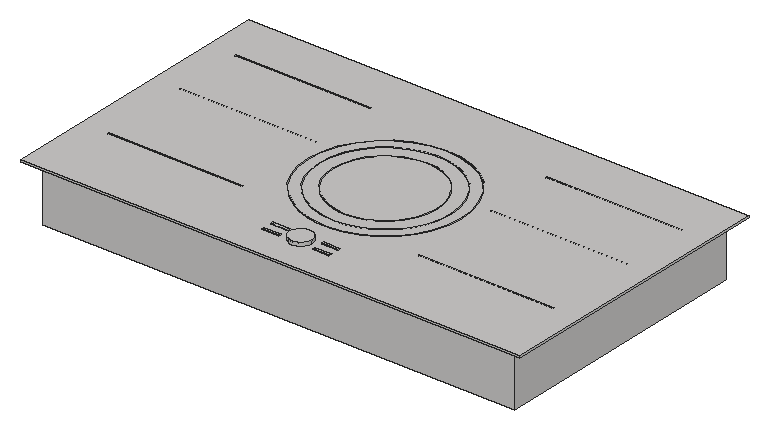
Revit family "CI292601", category Generic Models, Revit 2014
Parameters (values of type "CI292601")
  Width = 908 mm
  URL = "http://www.gaggenau.com."
  Model = "CI292601"
  Manufacturer = "Gaggenau"
  Height = 105 mm
  Unit = Metal Panel
  Description = "Gaggenau 200 Series Flex Induction Cooktop 36\" Frameless"
  Depth = 520 mm
Reference planes
  plane 1 "Center (Front/Back)": y = 0
  plane 2: z = 0
  plane 3 "Center (Left/Right)": x = 0
  plane 4: x = -454
  plane 5: x = 454
  plane 6: y = 260
  plane 7: y = -260
  plane 8: z = 105
  plane 9: z = 102
Forms (mm)
  Extrusion 1, solid, material "Metal Panel" <- "Unit"
    sketch origin (0, 0, 0) x (1, 0, 0) y (0, 1, 0)
      loop
        line (-454, 260) -> (-454, -260) -> (454, -260) -> (454, 260) -> (-454, 260)
      loop
        circle (2.032, 0) r 140
      loop
        circle (2.032, 0) r 138.384
      loop
        circle (2.032, 0) r 95
      loop
        circle (2.032, 0) r 93.773
      loop
        circle (2.032, 0) r 120
      loop
        circle (2.032, 0) r 118.851
      loop
        line (-405.255, 169.194) -> (-405.255, 167.404) -> (-160.255, 167.404) -> (-160.255, 169.194) -> (-405.255, 169.194)
      loop
        line (-405.255, 44.194) -> (-405.255, 42.404) -> (-160.255, 42.404) -> (-160.255, 44.194) -> (-405.255, 44.194)
      loop
        line (-405.255, -120.806) -> (-405.255, -122.596) -> (-160.255, -122.596) -> (-160.255, -120.806) -> (-405.255, -120.806)
      loop
        line (405.255, 169.194) -> (160.255, 169.194) -> (160.255, 167.404) -> (405.255, 167.404) -> (405.255, 169.194)
      loop
        line (405.255, 44.194) -> (160.255, 44.194) -> (160.255, 42.404) -> (405.255, 42.404) -> (405.255, 44.194)
      loop
        line (405.255, -120.806) -> (160.255, -120.806) -> (160.255, -122.596) -> (405.255, -122.596) -> (405.255, -120.806)
    from 102 to 105
  Extrusion 2, solid, material "Metal Panel" <- "Unit"
    sketch origin (0, 0, 0) x (1, 0, 0) y (0, 1, 0)
      loop
        line (-429, 240) -> (-429, -240) -> (429, -240) -> (429, 240) -> (-429, 240)
    from 0 to 102
  Extrusion 3, solid, material "Metal Panel" <- "Unit"
    sketch origin (0, 0, 0) x (1, 0, 0) y (0, 1, 0)
      loop
        circle (0, -189.655) r 20
    from 105 to 110.746
  Extrusion 4, solid, material "Metal Panel" <- "Unit"
    sketch origin (0, 0, 0) x (1, 0, 0) y (0, 1, 0)
      loop
        line (-61.165, -176.936) -> (-61.165, -181.936) -> (-31.165, -181.936) -> (-31.165, -176.936) -> (-61.165, -176.936)
      loop
        line (-61.165, -196.936) -> (-61.165, -201.936) -> (-31.165, -201.936) -> (-31.165, -196.936) -> (-61.165, -196.936)
      loop
        line (61.165, -176.936) -> (31.165, -176.936) -> (31.165, -181.936) -> (61.165, -181.936) -> (61.165, -176.936)
      loop
        line (61.165, -196.936) -> (31.165, -196.936) -> (31.165, -201.936) -> (61.165, -201.936) -> (61.165, -196.936)
    from 105 to 105.685
Dimensions and locks
  equal spacing: plane 4, plane 3 "Center (Left/Right)", plane 5
  equal spacing: plane 6, plane 1 "Center (Front/Back)", plane 7
  "Width": plane 4 to plane 5
  "Depth": plane 6 to plane 7
  "Height": plane 8 to plane 2
  plane 8 to plane 9 = 3 mm
  aligned and locked: level to plane 2
Automatic sketch dimensions
  plane 4 to Extrusion 2 sketch curve = 25 mm
  plane 5 to Extrusion 2 sketch curve = 25 mm
  Extrusion 2 sketch curve to plane 7 = 20 mm
  Extrusion 2 sketch curve to plane 6 = 20 mm
  Extrusion 3 sketch curve to plane 3 "Center (Left/Right)" = 0 mm
  Extrusion 4 sketch curve to plane 3 "Center (Left/Right)" = 31.165 mm
  Extrusion 4 sketch curve to Extrusion 4 sketch curve = 0 mm  (x4)
  Extrusion 4 sketch curve to Extrusion 4 sketch curve = 30 mm  (x2)
  plane 3 "Center (Left/Right)" to Extrusion 4 sketch curve = 31.165 mm
  Extrusion 4 sketch curve to plane 7 = 58.064 mm  (x2)
  Extrusion 4 sketch curve to Extrusion 4 sketch curve = 5 mm  (x4)
  Extrusion 4 sketch curve to Extrusion 4 sketch curve = 15 mm  (x2)
  Extrusion 3 sketch curve to plane 7 = 70.345 mm
  Extrusion 1 sketch curve to Extrusion 1 sketch curve = 0 mm  (x32)
  Extrusion 1 sketch curve to plane 4 = 0 mm
  plane 1 "Center (Front/Back)" to Extrusion 1 sketch curve = 0 mm
  Extrusion 1 sketch curve to plane 5 = 0 mm
  plane 7 to Extrusion 1 sketch curve = 0 mm
  Extrusion 1 sketch curve to plane 6 = 0 mm
  plane 4 to Extrusion 1 sketch curve = 48.745 mm  (x3)
  Extrusion 1 sketch curve to plane 1 "Center (Front/Back)" = 44.194 mm
  Extrusion 1 sketch curve to plane 3 "Center (Left/Right)" = 160.255 mm  (x2)
  plane 3 "Center (Left/Right)" to Extrusion 1 sketch curve = 2.032 mm
  plane 3 "Center (Left/Right)" to Extrusion 1 sketch curve = 160.255 mm  (x2)
  Extrusion 1 sketch curve to plane 1 "Center (Front/Back)" = 42.404 mm
  plane 5 to Extrusion 1 sketch curve = 48.745 mm  (x3)
  plane 1 "Center (Front/Back)" to Extrusion 1 sketch curve = 122.596 mm  (x2)
  Extrusion 1 sketch curve to Extrusion 1 sketch curve = 1.79 mm  (x6)
  Extrusion 1 sketch curve to plane 6 = 92.596 mm  (x2)
  radius of Extrusion 3 sketch curve = 20 mm
  radius of Extrusion 1 sketch curve = 140 mm
  radius of Extrusion 1 sketch curve = 138.384 mm
  radius of Extrusion 1 sketch curve = 95 mm
  radius of Extrusion 1 sketch curve = 93.773 mm
  radius of Extrusion 1 sketch curve = 120 mm
  radius of Extrusion 1 sketch curve = 118.851 mm
